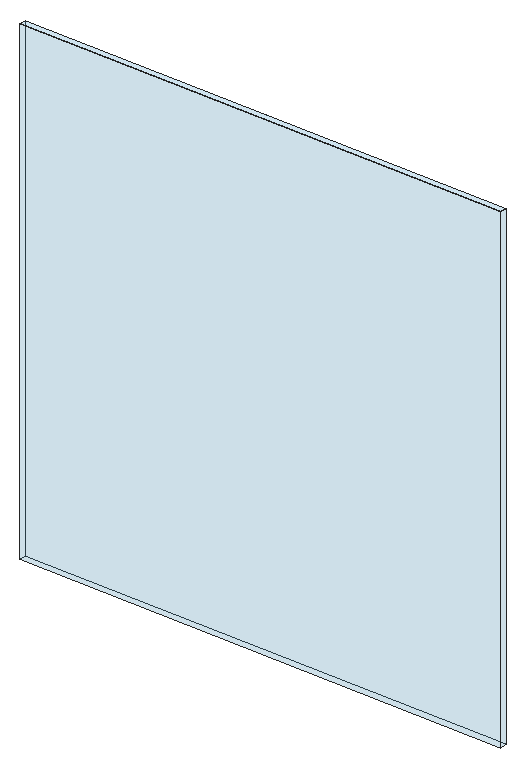
Revit family
Parameters (values of type "72" x 72"")
  Sealant = 0' - 0 3/8"
  Pocket Depth [instance] = 0' - 0 1/2"
  Head Height = Sill Height + Rough Height - Sealant  # 8' - 11 5/8"
  Depth [instance] = 0' - 6"
  Sill Height = 3' - 0"
  Rough Width = 6' - 0"
  Rough Height = 6' - 0"
  Model = "OPG3007"
  Material = ""
  Manufacturer = "Arcadia"
  Sightline = 0' - 4 3/8"
  Height = Rough Height - Sealant - Sealant  # 5' - 11 1/4"
  Wall Closure = (empty or 0)
  Width = Rough Width - Sealant - Sealant  # 5' - 11 1/4"
  Glass Thickness [instance] = 0' - 1"
  Offset to Inside Face of Glass [instance] = 0' - 4 5/16"
  Construction Type = "Aluminum"
  Center of Rough Opening [instance] = Rough Width / 2  # 3' - 0"
  Center of Glass [instance] = Glass Thickness / 2  # 0' - 0 1/2"
  Center Wall to Outside Face [instance] = 0' - 2 7/8"
  Assembly Code = ""
Reference planes (in)
  plane 1 "Center (Front/Back)": y = 0
  plane 2: z = 0
  plane 3 "Center (Left/Right)": x = 12
  plane 4 "Rough Opening Bottom": z = 36
  plane 5 "Rough Opening Top": z = 108
  plane 6 "Exterior Face": y = -6.75
  plane 7 "Frame Top": z = 103.625
  plane 8 "Frame Bottom": z = 40.375
  plane 9 "Rough Opening Left": x = -24
  plane 10 "Rough Opening Right": x = 48
  plane 11 "Frame Left": x = -19.625
  plane 12 "Frame Right": x = 43.625
  plane 13 "Exterior Glass Edge": y = -7.76356
  plane 14 "Interior Glass Edge": y = -8.76356
  plane 15 "Glass Centerline": y = -8.26356
  plane 16 "Frame Outside": y = -7.07606
  plane 17 "Frame Inside": y = -13.07606
  plane 18: z = 104.125
  plane 19: z = 39.875
  plane 20: x = 44.125
  plane 21: x = -20.125
  plane 22: x = 47.625
  plane 23: x = -23.625
  plane 24: z = 107.625
  plane 25: z = 36.375
Forms (in)
  Extrusion 1, solid, material "Anodize Arcadia AC2 Clear #11", detail levels coarse
    sketch origin (0, 0, 36) x (0, -1, 0) y (1, 0, 0)
      loop
        line (7.07606, -24) -> (13.07606, -24) -> (13.07606, -19.625) -> (8.76356, -19.625) -> (8.76356, -20.125) -> (7.76356, -20.125) -> (7.76356, -19.625) -> (7.07606, -19.625) -> (7.07606, -24)
    from 0 to 72 <- "Rough Height"
  Extrusion 2, solid, material "Anodize Arcadia AC2 Clear #11", detail levels coarse
    sketch origin (0, 0, 36) x (0, -1, 0) y (1, 0, 0)
      loop
        line (7.07606, 43.625) -> (7.76356, 43.625) -> (7.76356, 44.125) -> (8.76356, 44.125) -> (8.76356, 43.625) -> (13.07606, 43.625) -> (13.07606, 48) -> (7.07606, 48) -> (7.07606, 43.625)
    from 0 to 72 <- "Rough Height"
  Extrusion 3, solid, material "Glass"
    sketch origin (-0.5, 0, 36) x (0, -1, 0) y (1, 0, 0)
      loop
        line (7.76356, -19.625) -> (8.76356, -19.625) -> (8.76356, 44.625) -> (7.76356, 44.625) -> (7.76356, -19.625)
    from 3.875 to 68.125
  Extrusion 4, solid, material "Anodize Arcadia AC2 Clear #11", detail levels coarse
    sketch origin (-24, 0, 0) x (0, 1, 0) y (0, 0, 1)
      loop
        line (-13.07606, 108) -> (-13.07606, 103.625) -> (-8.76356, 103.625) -> (-8.76356, 104.125) -> (-7.76356, 104.125) -> (-7.76356, 103.625) -> (-7.07606, 103.625) -> (-7.07606, 108) -> (-13.07606, 108)
    from 0 to 72 <- "Rough Width"
  Extrusion 5, solid, material "Anodize Arcadia AC2 Clear #11", detail levels coarse
    sketch origin (-24, 0, 0) x (0, 1, 0) y (0, 0, 1)
      loop
        line (-7.07606, 40.375) -> (-7.76356, 40.375) -> (-7.76356, 39.875) -> (-8.76356, 39.875) -> (-8.76356, 40.375) -> (-13.07606, 40.375) -> (-13.07606, 36) -> (-7.07606, 36) -> (-7.07606, 40.375)
    from 0 to 72 <- "Rough Width"
  Extrusion 6, void
    sketch origin (0, 0, 36) x (0, -1, 0) y (1, 0, 0)
      loop
        line (6.75, -24) -> (14.75, -24) -> (14.75, 48) -> (6.75, 48) -> (6.75, -24)
    from 0 to 72 <- "Rough Height"
Lines and regions (in)
  symbolic lines, detail levels coarse
    curve 1: line (-24, -7.07606, 0) -> (-19.625, -7.07606, 0)
    curve 2: line (-19.625, -7.07606, 0) -> (-19.625, -7.76356, 0)
    curve 3: line (44.125, -7.76356, 0) -> (-20.125, -7.76356, 0)
    curve 4: line (-20.125, -7.76356, 0) -> (-20.125, -8.76356, 0)
    curve 5: line (-20.125, -8.76356, 0) -> (44.125, -8.76356, 0)
    curve 6: line (-19.625, -8.76356, 0) -> (-19.625, -13.07606, 0)
    curve 7: line (-19.625, -13.07606, 0) -> (-24, -13.07606, 0)
    curve 8: line (-24, -13.07606, 0) -> (-24, -7.07606, 0)
    curve 9: line (48, -7.07606, 0) -> (43.625, -7.07606, 0)
    curve 10: line (43.625, -7.07606, 0) -> (43.625, -7.76356, 0)
    curve 11: line (44.125, -7.76356, 0) -> (44.125, -8.76356, 0)
    curve 12: line (43.625, -8.76356, 0) -> (43.625, -13.07606, 0)
    curve 13: line (43.625, -13.07606, 0) -> (48, -13.07606, 0)
    curve 14: line (48, -13.07606, 0) -> (48, -7.07606, 0)
Text (in)
  text "EXTERIOR" at (-58.6888, 50.90694, 0), in view "Ref. Level"
  text "INTERIOR" at (-58.6888, -37.76638, 0), in view "Ref. Level"
  text "Exterior" at (0, 43.65631, 123.19604), in view "Left"
  text "Exterior" at (0, 18.29385, 125.04747), in view "Right"
Dimensions and locks (in)
  "Rough Height": plane 4 "Rough Opening Bottom" to plane 5 "Rough Opening Top"
  "Sill Height": plane 2 to plane 4 "Rough Opening Bottom"
  "Sightline": plane 7 "Frame Top" to plane 5 "Rough Opening Top"
  "Sightline": plane 4 "Rough Opening Bottom" to plane 8 "Frame Bottom"
  "Rough Width": plane 9 "Rough Opening Left" to plane 10 "Rough Opening Right"
  "Sightline": plane 9 "Rough Opening Left" to plane 11 "Frame Left"
  "Sightline": plane 12 "Frame Right" to plane 10 "Rough Opening Right"
  "Depth": plane 17 "Frame Inside" to plane 16 "Frame Outside"
  "Glass Thickness": plane 13 "Exterior Glass Edge" to plane 14 "Interior Glass Edge"
  "Center of Glass": plane 15 "Glass Centerline" to plane 14 "Interior Glass Edge"
  "Center of Rough Opening": plane 9 "Rough Opening Left" to plane 3 "Center (Left/Right)"
  "Offset to Inside Face of Glass": plane 17 "Frame Inside" to plane 14 "Interior Glass Edge"
  "Pocket Depth": plane 12 "Frame Right" to plane 20
  "Pocket Depth": plane 21 to plane 11 "Frame Left"
  "Pocket Depth": plane 7 "Frame Top" to plane 18
  "Pocket Depth": plane 19 to plane 8 "Frame Bottom"
  "Sealant": plane 22 to plane 10 "Rough Opening Right"
  "Sealant": plane 9 "Rough Opening Left" to plane 23
  "Sealant": plane 24 to plane 5 "Rough Opening Top"
  "Sealant": plane 4 "Rough Opening Bottom" to plane 25
  aligned and locked: plane 6 "Exterior Face" to host wall
  aligned and locked: Extrusion 1 sketch curve to plane 17 "Frame Inside"
  aligned and locked: plane 16 "Frame Outside" to Extrusion 1 sketch curve
  aligned and locked: Extrusion 1 sketch curve to plane 11 "Frame Left"
  aligned and locked: plane 9 "Rough Opening Left" to Extrusion 1 sketch curve
  aligned and locked: plane 12 "Frame Right" to Extrusion 2 sketch curve
  aligned and locked: Extrusion 2 sketch curve to plane 10 "Rough Opening Right"
  aligned and locked: Extrusion 2 sketch curve to plane 17 "Frame Inside"
  aligned and locked: plane 16 "Frame Outside" to Extrusion 2 sketch curve
  aligned and locked: Extrusion 3 sketch curve to plane 13 "Exterior Glass Edge"
  aligned and locked: plane 14 "Interior Glass Edge" to Extrusion 3 sketch curve
  aligned and locked: plane 5 "Rough Opening Top" to Extrusion 4 sketch curve
  aligned and locked: Extrusion 4 sketch curve to plane 7 "Frame Top"
  aligned and locked: Extrusion 4 sketch curve to plane 17 "Frame Inside"
  aligned and locked: plane 16 "Frame Outside" to Extrusion 4 sketch curve
  aligned and locked: Extrusion 5 sketch curve to plane 4 "Rough Opening Bottom"
  aligned and locked: plane 8 "Frame Bottom" to Extrusion 5 sketch curve
  aligned and locked: Extrusion 5 sketch curve to plane 17 "Frame Inside"
  aligned and locked: plane 16 "Frame Outside" to Extrusion 5 sketch curve
  aligned and locked: plane 4 "Rough Opening Bottom" to nested 3
  aligned and locked: nested 2 to plane 5 "Rough Opening Top"
  aligned and locked: plane 19 to Extrusion 3
  aligned and locked: Extrusion 3 to plane 18
  aligned and locked: plane 17 "Frame Inside" to nested 3
  aligned and locked: nested 1 to plane 16 "Frame Outside"
  aligned and locked: plane 10 "Rough Opening Right" to nested 1
  aligned and locked: nested 4 to plane 9 "Rough Opening Left"
  aligned and locked: plane 17 "Frame Inside" to nested 4
  aligned and locked: plane 13 "Exterior Glass Edge" to Extrusion 5 sketch curve
  aligned and locked: Extrusion 5 sketch curve to plane 14 "Interior Glass Edge"
  aligned and locked: plane 19 to Extrusion 5 sketch curve
  aligned and locked: Extrusion 4 sketch curve to plane 13 "Exterior Glass Edge"
  aligned and locked: plane 18 to Extrusion 4 sketch curve
  aligned and locked: plane 14 "Interior Glass Edge" to Extrusion 4 sketch curve
  aligned and locked: plane 14 "Interior Glass Edge" to Extrusion 2 sketch curve
  aligned and locked: Extrusion 2 sketch curve to plane 20
  aligned and locked: Extrusion 2 sketch curve to plane 13 "Exterior Glass Edge"
  aligned and locked: Extrusion 1 sketch curve to plane 14 "Interior Glass Edge"
  aligned and locked: Extrusion 1 sketch curve to plane 21
  aligned and locked: plane 13 "Exterior Glass Edge" to Extrusion 1 sketch curve
  aligned and locked: plane 16 "Frame Outside" to curve 1
  aligned and locked: plane 9 "Rough Opening Left" to curve 8
  aligned and locked: curve 2 to plane 11 "Frame Left"
  aligned and locked: curve 6 to plane 11 "Frame Left"
  aligned and locked: curve 4 to plane 21
  aligned and locked: curve 7 to plane 17 "Frame Inside"
  aligned and locked: curve 5 to plane 14 "Interior Glass Edge"
  aligned and locked: plane 13 "Exterior Glass Edge" to curve 3
  aligned and locked: curve 10 to plane 12 "Frame Right"
  aligned and locked: curve 12 to plane 12 "Frame Right"
  aligned and locked: curve 11 to plane 20
  aligned and locked: plane 10 "Rough Opening Right" to curve 14
  aligned and locked: curve 9 to plane 16 "Frame Outside"
  aligned and locked: plane 17 "Frame Inside" to curve 13
  aligned and locked: nested 2 to plane 16 "Frame Outside"
  aligned and locked: import instance to plane 9 "Rough Opening Left"
  aligned and locked: plane 16 "Frame Outside" to import instance  (x2)
  aligned and locked: import instance to plane 16 "Frame Outside"  (x2)
  aligned and locked: plane 10 "Rough Opening Right" to import instance
  aligned and locked: import instance to plane 4 "Rough Opening Bottom"
  aligned and locked: plane 5 "Rough Opening Top" to import instance
  aligned and locked: level to plane 2
  aligned and locked: plane 9 "Rough Opening Left" to Extrusion 6 sketch curve
  aligned and locked: plane 6 "Exterior Face" to Extrusion 6 sketch curve
  aligned and locked: host wall to Extrusion 6 sketch curve
  aligned and locked: plane 10 "Rough Opening Right" to Extrusion 6 sketch curve
Automatic sketch dimensions
  Extrusion 3 sketch curve to plane 21 = 0' - 0"
  Extrusion 3 sketch curve to plane 20 = 0' - 0"
  Extrusion 5 sketch curve to plane 8 "Frame Bottom" = 0' - 0"
  Extrusion 4 sketch curve to plane 7 "Frame Top" = 0' - 0"
  Extrusion 2 sketch curve to plane 12 "Frame Right" = 0' - 0"
  Extrusion 1 sketch curve to plane 11 "Frame Left" = 0' - 0"
Nested families (in)
  nested 1: "Window-Arcadia-OPG4006-Med-Jamb-R" at (46.9375, -8.26356, 0) x (-1, 0, 0) z (0, 0, 1), type "Window-Arcadia-OPG4006-Med-Jamb-R", detail levels medium
    with Sightline 0' - 4 3/8", Pocket Depth 0' - 0 1/2", Offset to Inside Face of Glass 0' - 4 5/16", Glass Width 0' - 1", Frame Wall Thickness 0' - 0 3/32", Depth 0' - 6", Center of Glass 0' - 0 1/2"
  nested 2: "Window-Arcadia-OPG4006-Med-Head" at (33.875, -8.26356, 108) x (0, -1, 0) z (1, 0, 0), type "Window-Arcadia-OPG4006-Med-Head", detail levels medium
    with Sightline 0' - 4 3/8", Pocket Depth 0' - 0 1/2", Offset to Inside Face of Glass 0' - 4 5/16", Glass Width 0' - 1", Frame Wall Thickness 0' - 0 3/32", Depth 0' - 6", Center of Glass 0' - 0 1/2"
  nested 3: "Window-Arcadia-OPG4006-Med-Sill" at (33.875, -8.26356, 36) x (0, -1, 0) z (1, 0, 0), type "Window-Arcadia-OPG4006-Med-Sill", detail levels medium
    with Sightline 0' - 4 3/8", Pocket Depth 0' - 0 1/2", Offset to Inside Face of Glass 0' - 4 5/16", Glass Width 0' - 1", Frame Wall Thickness 0' - 0 3/32", Depth 0' - 6", Center of Glass 0' - 0 1/2"
  nested 4: "Window-Arcadia-OPG4006-Med-Jamb-L" at (-22.9375, -8.26356, 0) x (-1, 0, 0) z (0, 0, 1), type "Window-Arcadia-OPG4006-Med-Jamb-L", detail levels medium
    with Sightline 0' - 4 3/8", Pocket Depth 0' - 0 1/2", Offset to Inside Face of Glass 0' - 4 5/16", Glass Width 0' - 1", Frame Wall Thickness 0' - 0 3/32", Depth 0' - 6", Center of Glass 0' - 0 1/2"
Definition of nested family "Window-Arcadia-OPG4006-Med-Jamb-R"
  Parameters (values of type "Window-Arcadia-TC670-Med-Jamb-R")
    Depth [instance] = 0' - 6"
    Pocket Depth [instance] = 0' - 0 3/4"
    Offset to Inside Face of Glass [instance] = 0' - 4"
    Glass Width [instance] = 0' - 1"
    Sightline [instance] = 0' - 2 5/8"
    Center of Glass [instance] = Glass Width / 2  # 0' - 0 1/2"
    Frame Wall Thickness [instance] = 0' - 0 3/32"
    Assembly Code = ""
  Reference planes (in)
    plane 1 "Center (Front/Back)": y = 0
    plane 2: z = 0
    plane 3: x = 1.5625
    plane 4 "back": x = -1.0625
    plane 5: y = 4.5
    plane 6: y = -1.5
    plane 7 "Inside Face of Glass": y = 0.5
    plane 8: y = -0.5
    plane 9: x = 0.8125
  Lines and regions (in)
    detail lines, in view "Ref. Level", detail levels medium
      curve 1: line (-1.0625, 4.5, 0) -> (-1.0625, -1.5, 0)
      curve 2: line (-1.0625, -1.5, 0) -> (1.5625, -1.5, 0)
      curve 3: line (1.5625, -1.5, 0) -> (1.5625, -0.5, 0)
      curve 4: line (1.5625, -0.5, 0) -> (0.8125, -0.5, 0)
      curve 5: line (0.8125, -0.5, 0) -> (0.8125, 0.5, 0)
      curve 6: line (0.8125, 0.5, 0) -> (1.5625, 0.5, 0)
      curve 7: line (1.5625, 0.5, 0) -> (1.5625, 4.5, 0)
      curve 8: line (1.5625, 4.5, 0) -> (-1.0625, 4.5, 0)
      curve 9: line (1.46875, 4.40625, 0) -> (-0.96875, 4.40625, 0)
      curve 10: line (-0.96875, 4.40625, 0) -> (-0.96875, -1.40625, 0)
      curve 11: line (-0.96875, -1.40625, 0) -> (1.46875, -1.40625, 0)
      curve 12: line (1.46875, -1.40625, 0) -> (1.46875, -0.59375, 0)
      curve 13: line (1.46875, -0.59375, 0) -> (0.71875, -0.59375, 0)
      curve 14: line (0.71875, -0.59375, 0) -> (0.71875, 0.59375, 0)
      curve 15: line (0.71875, 0.59375, 0) -> (1.46875, 0.59375, 0)
      curve 16: line (1.46875, 0.59375, 0) -> (1.46875, 4.40625, 0)
      curve 17: line (1.5625, 4.5, 0) -> (-1.0625, 4.5, 0)
      curve 18: line (-1.0625, 4.40625, 0) -> (-1.0625, -1.5, 0)
  Dimensions and locks (in)
    "Sightline": plane 4 "back" to plane 3
    "Depth": plane 5 to plane 6
    "Center of Glass": plane 1 "Center (Front/Back)" to plane 7 "Inside Face of Glass"
    "Glass Width": plane 8 to plane 7 "Inside Face of Glass"
    "Pocket Depth": plane 9 to plane 3
    "Offset to Inside Face of Glass": plane 5 to plane 7 "Inside Face of Glass"
    "Frame Wall Thickness": plane 5 to curve 9
    "Frame Wall Thickness": plane 4 "back" to curve 10
    "Frame Wall Thickness": curve 11 to plane 6
    "Frame Wall Thickness": curve 12 to plane 3
    "Frame Wall Thickness": curve 13 to plane 8
    "Frame Wall Thickness": plane 7 "Inside Face of Glass" to curve 15
    "Frame Wall Thickness": curve 14 to plane 9
    "Frame Wall Thickness": curve 16 to plane 3
    aligned and locked: plane 5 to curve 8
    aligned and locked: curve 1 to plane 4 "back"
    aligned and locked: curve 2 to plane 6
    aligned and locked: plane 3 to curve 3
    aligned and locked: curve 4 to plane 8
    aligned and locked: plane 9 to curve 5
    aligned and locked: plane 7 "Inside Face of Glass" to curve 6
    aligned and locked: plane 3 to curve 7
  Automatic sketch dimensions
    curve 18 to curve 9 = 0' - 0"
Definition of nested family "Window-Arcadia-OPG4006-Med-Head"
  Parameters (values of type "Window-Arcadia-A400-Med-Head")
    Depth [instance] = 0' - 6"
    Pocket Depth [instance] = 0' - 0 1/2"
    Offset to Inside Face of Glass [instance] = 0' - 4"
    Glass Width [instance] = 0' - 1"
    Sightline [instance] = 0' - 2 5/8"
    Center of Glass [instance] = Glass Width / 2  # 0' - 0 1/2"
    Frame Wall Thickness [instance] = 0' - 0 3/32"
    Assembly Code = ""
  Reference planes (in)
    plane 1 "Center (Front/Back)": y = 0
    plane 2: z = 0
    plane 3 "Center (Left/Right)": x = 0
    plane 4: x = -0.5
    plane 5 "Inside Face of Glass": x = 0.5
    plane 6: y = -2.625
    plane 7: x = 4.5
    plane 8: x = -1.5
    plane 9: y = -2.125
  Lines and regions (in)
    detail lines, in view "Ref. Level", detail levels medium
      curve 1: line (-1.5, 0, 0) -> (-1.5, -2.625, 0)
      curve 2: line (-1.5, -2.625, 0) -> (-0.5, -2.625, 0)
      curve 3: line (-0.5, -2.625, 0) -> (-0.5, -2.125, 0)
      curve 4: line (-0.5, -2.125, 0) -> (0.5, -2.125, 0)
      curve 5: line (0.5, -2.125, 0) -> (0.5, -2.625, 0)
      curve 6: line (0.5, -2.625, 0) -> (4.5, -2.625, 0)
      curve 7: line (4.5, -2.625, 0) -> (4.5, 0, 0)
      curve 8: line (4.5, 0, 0) -> (-1.5, 0, 0)
      curve 9: line (-1.40625, -0.09375, 0) -> (-1.40625, -2.53125, 0)
      curve 10: line (4.40625, -0.09375, 0) -> (-1.40625, -0.09375, 0)
      curve 11: line (4.40625, -2.53125, 0) -> (4.40625, -0.09375, 0)
      curve 12: line (0.59375, -2.53125, 0) -> (4.40625, -2.53125, 0)
      curve 13: line (-1.40625, -2.53125, 0) -> (-0.59375, -2.53125, 0)
      curve 14: line (-0.59375, -2.53125, 0) -> (-0.59375, -2.03125, 0)
      curve 15: line (-0.59375, -2.03125, 0) -> (0.59375, -2.03125, 0)
      curve 16: line (0.59375, -2.03125, 0) -> (0.59375, -2.53125, 0)
  Dimensions and locks (in)
    "Sightline": plane 6 to plane 1 "Center (Front/Back)"
    "Depth": plane 8 to plane 7
    "Pocket Depth": plane 6 to plane 9
    "Offset to Inside Face of Glass": plane 5 "Inside Face of Glass" to plane 7
    "Glass Width": plane 4 to plane 5 "Inside Face of Glass"
    "Center of Glass": plane 3 "Center (Left/Right)" to plane 5 "Inside Face of Glass"
    "Frame Wall Thickness": plane 8 to curve 9
    "Frame Wall Thickness": curve 10 to plane 1 "Center (Front/Back)"
    "Frame Wall Thickness": curve 11 to plane 7
    "Frame Wall Thickness": plane 6 to curve 12
    "Frame Wall Thickness": plane 6 to curve 13
    "Frame Wall Thickness": plane 9 to curve 15
    "Frame Wall Thickness": plane 5 "Inside Face of Glass" to curve 16
    "Frame Wall Thickness": curve 14 to plane 4
    aligned and locked: curve 8 to plane 1 "Center (Front/Back)"
    aligned and locked: plane 7 to curve 7
    aligned and locked: curve 1 to plane 8
    aligned and locked: plane 9 to curve 4
    aligned and locked: plane 4 to curve 3
    aligned and locked: plane 6 to curve 2
    aligned and locked: plane 6 to curve 6
  Automatic sketch dimensions
    curve 5 to plane 5 "Inside Face of Glass" = 0' - 0"
Definition of nested family "Window-Arcadia-OPG4006-Med-Sill"
  Parameters (values of type "Window-Arcadia-A400-Med-Sill")
    Depth [instance] = 0' - 6"
    Pocket Depth [instance] = 0' - 0 1/2"
    Offset to Inside Face of Glass [instance] = 0' - 4"
    Glass Width [instance] = 0' - 1"
    Sightline [instance] = 0' - 2 5/8"
    Center of Glass [instance] = Glass Width / 2  # 0' - 0 1/2"
    Frame Wall Thickness [instance] = 0' - 0 3/32"
    Assembly Code = ""
  Reference planes (in)
    plane 1 "Center (Front/Back)": y = 0
    plane 2: z = 0
    plane 3 "Center (Left/Right)": x = 0
    plane 4: x = -0.5
    plane 5 "Inside Face of Glass": x = 0.5
    plane 6: y = 2.625
    plane 7: x = 4.5
    plane 8: x = -1.5
    plane 9: y = 2.125
  Lines and regions (in)
    detail lines, in view "Ref. Level", detail levels medium
      curve 1: line (-1.5, 2.625, 0) -> (-1.5, 0, 0)
      curve 2: line (-1.5, 0, 0) -> (4.5, 0, 0)
      curve 3: line (4.5, 0, 0) -> (4.5, 2.625, 0)
      curve 4: line (4.5, 2.625, 0) -> (0.5, 2.625, 0)
      curve 5: line (0.5, 2.625, 0) -> (0.5, 2.125, 0)
      curve 6: line (0.5, 2.125, 0) -> (-0.5, 2.125, 0)
      curve 7: line (-0.5, 2.125, 0) -> (-0.5, 2.625, 0)
      curve 8: line (-0.5, 2.625, 0) -> (-1.5, 2.625, 0)
      curve 9: line (-0.59375, 2.53125, 0) -> (-1.40625, 2.53125, 0)
      curve 10: line (-1.40625, 2.53125, 0) -> (-1.40625, 0.09375, 0)
      curve 11: line (-1.40625, 0.09375, 0) -> (4.40625, 0.09375, 0)
      curve 12: line (4.40625, 0.09375, 0) -> (4.40625, 2.53125, 0)
      curve 13: line (4.40625, 2.53125, 0) -> (0.59375, 2.53125, 0)
      curve 14: line (0.59375, 2.53125, 0) -> (0.59375, 2.03125, 0)
      curve 15: line (0.59375, 2.03125, 0) -> (-0.59375, 2.03125, 0)
      curve 16: line (-0.59375, 2.03125, 0) -> (-0.59375, 2.53125, 0)
  Dimensions and locks (in)
    "Pocket Depth": plane 9 to plane 6
    "Sightline": plane 1 "Center (Front/Back)" to plane 6
    "Depth": plane 8 to plane 7
    "Offset to Inside Face of Glass": plane 5 "Inside Face of Glass" to plane 7
    "Glass Width": plane 4 to plane 5 "Inside Face of Glass"
    "Center of Glass": plane 3 "Center (Left/Right)" to plane 5 "Inside Face of Glass"
    "Frame Wall Thickness": curve 9 to plane 6
    "Frame Wall Thickness": plane 8 to curve 10
    "Frame Wall Thickness": plane 1 "Center (Front/Back)" to curve 11
    "Frame Wall Thickness": curve 12 to plane 7
    "Frame Wall Thickness": curve 13 to plane 6
    "Frame Wall Thickness": plane 5 "Inside Face of Glass" to curve 14
    "Frame Wall Thickness": curve 15 to plane 9
    "Frame Wall Thickness": curve 16 to plane 4
    aligned and locked: plane 1 "Center (Front/Back)" to curve 2
    aligned and locked: plane 7 to curve 3
    aligned and locked: curve 1 to plane 8
    aligned and locked: curve 8 to plane 6
    aligned and locked: curve 4 to plane 6
    aligned and locked: curve 6 to plane 9
    aligned and locked: curve 5 to plane 5 "Inside Face of Glass"
    aligned and locked: plane 4 to curve 7
  Automatic sketch dimensions
    curve 7 to plane 9 = 0' - 0"
Definition of nested family "Window-Arcadia-OPG4006-Med-Jamb-L"
  Parameters (values of type "Window-Arcadia-TC670-Med-Jamb-L")
    Depth [instance] = 0' - 6"
    Pocket Depth [instance] = 0' - 0 1/2"
    Offset to Inside Face of Glass [instance] = 0' - 4"
    Glass Width [instance] = 0' - 1"
    Sightline [instance] = 0' - 2 1/8"
    Center of Glass [instance] = Glass Width / 2  # 0' - 0 1/2"
    Frame Wall Thickness [instance] = 0' - 0 3/32"
    Assembly Code = ""
  Reference planes (in)
    plane 1 "Center (Front/Back)": y = 0
    plane 2: z = 0
    plane 3 "BACK": x = 1.0625
    plane 4 "FRONT": x = -1.0625
    plane 5: y = 1.5
    plane 6: y = -4.5
    plane 7 "Inside Face of Glass": y = 0.5
    plane 8: y = -0.5
    plane 9: x = -0.5625
  Lines and regions (in)
    detail lines, in view "Ref. Level", detail levels medium
      curve 1: line (1.0625, 1.5, 0) -> (1.0625, -4.5, 0)
      curve 2: line (1.0625, -4.5, 0) -> (-1.0625, -4.5, 0)
      curve 3: line (-1.0625, -4.5, 0) -> (-1.0625, -0.5, 0)
      curve 4: line (-1.0625, -0.5, 0) -> (-0.5625, -0.5, 0)
      curve 5: line (-0.5625, -0.5, 0) -> (-0.5625, 0.5, 0)
      curve 6: line (-0.5625, 0.5, 0) -> (-1.0625, 0.5, 0)
      curve 7: line (-1.0625, 0.5, 0) -> (-1.0625, 1.5, 0)
      curve 8: line (-1.0625, 1.5, 0) -> (1.0625, 1.5, 0)
      curve 9: line (-0.96875, 1.40625, 0) -> (0.96875, 1.40625, 0)
      curve 10: line (-0.96875, 0.59375, 0) -> (-0.96875, 1.40625, 0)
      curve 11: line (-0.46875, 0.59375, 0) -> (-0.96875, 0.59375, 0)
      curve 12: line (-0.46875, -0.59375, 0) -> (-0.46875, 0.59375, 0)
      curve 13: line (-0.96875, -0.59375, 0) -> (-0.46875, -0.59375, 0)
      curve 14: line (-0.96875, -4.40625, 0) -> (-0.96875, -0.59375, 0)
      curve 15: line (0.96875, -4.40625, 0) -> (-0.96875, -4.40625, 0)
      curve 16: line (0.96875, 1.40625, 0) -> (0.96875, -4.40625, 0)
  Dimensions and locks (in)
    "Depth": plane 5 to plane 6
    "Pocket Depth": plane 4 "FRONT" to plane 9
    "Sightline": plane 4 "FRONT" to plane 3 "BACK"
    "Glass Width": plane 8 to plane 7 "Inside Face of Glass"
    "Center of Glass": plane 1 "Center (Front/Back)" to plane 7 "Inside Face of Glass"
    "Frame Wall Thickness": plane 4 "FRONT" to curve 10
    "Frame Wall Thickness": plane 5 to curve 9
    "Frame Wall Thickness": curve 15 to plane 6
    "Frame Wall Thickness": curve 13 to plane 8
    "Frame Wall Thickness": plane 9 to curve 12
    "Frame Wall Thickness": plane 7 "Inside Face of Glass" to curve 11
    "Frame Wall Thickness": plane 4 "FRONT" to curve 14
    "Offset to Inside Face of Glass": plane 6 to plane 8
    aligned and locked: curve 8 to plane 5
    aligned and locked: curve 1 to plane 3 "BACK"
    aligned and locked: plane 6 to curve 2
    aligned and locked: curve 3 to plane 4 "FRONT"
    aligned and locked: plane 8 to curve 4
    aligned and locked: plane 9 to curve 5
    aligned and locked: curve 6 to plane 7 "Inside Face of Glass"
    aligned and locked: plane 4 "FRONT" to curve 7
  Automatic sketch dimensions
    curve 16 to plane 3 "BACK" = 0' - 0 3/32"
